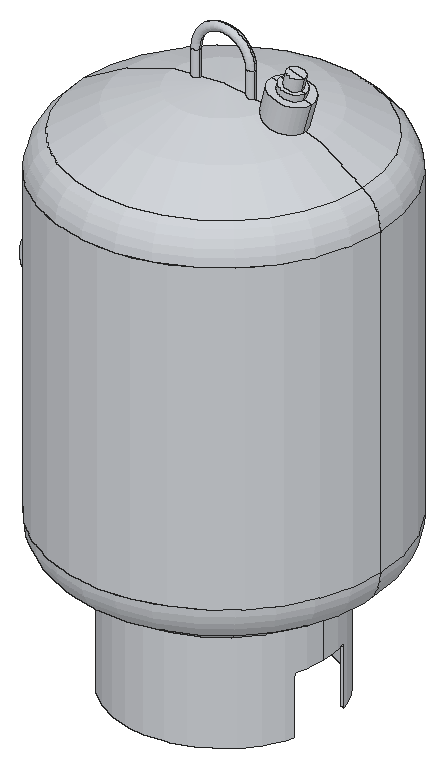
Revit family
Parameters (values of type "WX-130-L 125# W.P.")
  Weight = "136 lbs"
  Tank Volume = "34 Gal"
  Tank Height/Length = 34.375"
  Tank Diameter = 20.000"
  Shell Length = 18.250"
  Pipe Connector Diameter = Pipe Connection Radius * 2  # 1.500"
  Pipe Connection Radius = 0.750"
  Model = "WX-130-L"
  Maximum Acceptance Volume = "27 Gal"
  Max Operating Temp = "240 DEG F"
  Max Operating Pressure = "125 PSI"
  Manufacturer = "Amtrol"
  Lifting Ring Location = Shell Length / 2  # 9.125"
  Floor to Elbow Centerline = 1.500"
  Floor to Bottom of Tank = 3.709"
  Bladder/Diaphragm = "Bladder"
  ASME = yes
Types (3): name | Weight | Tank Volume | Tank Height/Length | Shell Length | Model | Lifting Ring Location
  (no name) | "136 lbs" | "34 Gal" | 34.375" | 18.250" | "WX-130-L" | 9.125"
  WX-130-L 125# W.P. | "136 lbs" | "34 Gal" | 34.375" | 18.250" | "WX-130-L" | 9.125"
  WX-165-L 125# W.P. | "146 lbs" | "44 Gal" | 39.375" | 23.250" | "WX-165-L" | 11.625"
Reference planes (in)
  plane 1 "Center (Front/Back)": y = 0
  plane 2: z = 0
  plane 3 "Center (Left/Right)": x = 0
Forms (in)
  Revolve 1, solid
    sketch origin (0, 0, 0) x (1, 0, 0) y (0, 0, 1)
      loop
        line (-6.375, 0) -> (-6.187, 0) -> (-6.187, 7.44707) -> (-6.375, 7.44707) -> (-6.375, 0)
      axis (0, 0) -> (0, 7.44707)
    angle from 0 to 360
  Revolve 2, solid
    sketch origin (0, 0, 0) x (1, 0, 0) y (0, 0, 1)
      loop
        line (0.6492, 3.3675) -> (0.6492, 4.19707) -> (0, 4.19707) -> (0, 3.3675) -> (0.6492, 3.3675)
      axis (0, 3.3675) -> (0, 4.19707)
    angle from 0 to 360
  Extrusion 3, void
    sketch origin (0, 0, 0) x (0, 1, 0) y (0, 0, 1)
      loop
        line (0, 3.70581) -> (-1.75, 3.70581)
        arc (-1.75, 3.70581) -> (-1.92678, 3.63258) -> (-2, 3.45581) r 0.25
        line (-2, 3.45581) -> (-2, -0.25) -> (2, -0.25) -> (2, 3.45581)
        arc (2, 3.45581) -> (1.92678, 3.63258) -> (1.75, 3.70581) r 0.25
        line (1.75, 3.70581) -> (0, 3.70581)
    from 3.88729 to 12
  Sweep 4, solid
    path origin (0, 0, 0) x (1, 0, 0) y (0, 0, 1)
      loop
        line (0, 3) -> (0, 2.698)
        arc (0, 2.698) -> (0.35089, 1.85089) -> (1.198, 1.5) r 1.198
        line (1.198, 1.5) -> (1.5, 1.5)
    profile origin (0, 0, 2.849) x (0, -1, 0) y (1, 0, 0)
      loop
        circle (0, 0) r 0.75
  Revolve 5, solid
    sketch origin (0, 0, 0) x (1, 0, 0) y (0, 0, 1)
      loop
        line (0, 2.813) -> (0.65074, 2.813) -> (0.65074, 4.313) -> (0, 4.313) -> (0, 2.813)
      axis (0, 2.813) -> (0, 4.313)
    angle from 0 to 360
  Revolve 6, solid
    sketch origin (0, 0, 0) x (1, 0, 0) y (0, 0, 1)
      loop
        line (3.85419, 33.63901) -> (5.11558, 33.30102) -> (5.58812, 35.06454) -> (5.10515, 35.19395) -> (5.20603, 35.57043) -> (4.93892, 35.642) -> (5.13591, 36.37718) -> (4.62458, 36.51418) -> (3.85419, 33.63901)
      axis (3.85419, 33.63901) -> (4.62458, 36.51418)
    angle from 0 to 360
  Sweep 7, solid
    path origin (-0.03185, 0, 0.36625) x (1, 0, 0) y (0, 0, 1)
      loop
        line (-1.72794, 33.65651) -> (-1.72794, 35.40651)
        arc (-1.72794, 35.40651) -> (0.02206, 37.15651) -> (1.77206, 35.40651) r 1.75
        line (1.77206, 35.40651) -> (1.77206, 33.65651)
    profile origin (-1.75979, 0, 34.89776) x (-1, 0, 0) y (0, -1, 0)
      loop
        circle (0, 0) r 0.25
  Revolve 8, solid
    sketch origin (0, 0, 0) x (1, 0, 0) y (0, 0, 1)
      loop
        line (0, 34.375) -> (0, 3.709) -> (4.99442, 3.709) -> (4.99442, 4.209) -> (4.437, 4.209) -> (4.437, 4.40139) -> (4.99442, 4.40139) -> (4.99442, 5.7535)
        arc (4.99442, 5.7535) -> (5.04578, 5.76987) -> (5.07873, 5.81253) r 0.09054
        arc (5.07873, 5.81253) -> (7.08806, 6.70772) -> (8.95313, 7.87402) r 15.75634
        arc (8.95313, 7.87402) -> (9.72207, 8.77485) -> (9.99844, 9.92653) r 2.53776
        line (9.99844, 9.92653) -> (9.99844, 29.39525)
        arc (9.99844, 29.39525) -> (9.67843, 30.572) -> (8.87716, 31.49129) r 2.72468
        arc (8.87716, 31.49129) -> (4.6669, 33.636) -> (0, 34.375) r 15.1055
      axis (0, 3.709) -> (0, 34.375)
    angle from 0 to 360
  Sweep 9, solid
    path origin (0, 0, 0) x (1, 0, 0) y (0, 0, 1)
      loop
        line (-9.91876, 22.02025) -> (-10.91876, 22.02025)
        arc (-10.91876, 22.02025) -> (-12.66876, 20.27025) -> (-10.91876, 18.52025) r 1.75
        line (-10.91876, 18.52025) -> (-9.91876, 18.52025)
    profile origin (-10.41876, 0, 22.02025) x (0, 0, -1) y (0, -1, 0)
      loop
        circle (0, 0) r 0.25
Cuts and joins
  Extrusion 3 cuts Revolve 1
  Extrusion 3 cuts Revolve 2
Dimensions and locks (in)
  "Floor to Elbow Centerline": Sweep 4 sketch curve to cut or joined group of Revolve 1, Extrusion 3
  Revolve 6 sketch curve to Revolve 6 sketch curve = 2.9766"
  Revolve 6 sketch curve to Revolve 6 sketch curve = 2.21548"
  Revolve 6 sketch curve to Revolve 6 sketch curve = 1.82573"
  "Floor to Bottom of Tank": Revolve 8 sketch curve to level
  "Tank Height/Length": Revolve 8 sketch curve to cut or joined group of Revolve 1, Extrusion 3
  Revolve 8 sketch curve to Revolve 8 sketch curve = 12.38082"
  Revolve 6 sketch curve to Revolve 8 = 3.90577"
  Revolve 6 sketch curve to Revolve 8 = 4.24376"
  Sweep 7 sketch curve to Revolve 8 = 4.6275"  (x2)
  "Lifting Ring Location": Revolve 8 to Sweep 9 sketch curve
  aligned and locked: plane 3 "Center (Left/Right)" to import instance
  aligned and locked: plane 1 "Center (Front/Back)" to import instance
Automatic sketch dimensions
  Revolve 2 sketch curve to plane 3 "Center (Left/Right)" = 0.000"  (x2)
  plane 3 "Center (Left/Right)" to Revolve 2 sketch curve = 0.6492"
  level to Revolve 2 sketch curve = 3.3675"
  Revolve 2 sketch curve to Revolve 2 sketch curve = 0.000"
  Revolve 2 sketch curve to Revolve 2 sketch curve = 0.82957"
  Revolve 2 sketch curve to Revolve 2 sketch curve = 1.25068"
  Extrusion 3 sketch curve to plane 1 "Center (Front/Back)" = 0.000"
  plane 1 "Center (Front/Back)" to Extrusion 3 sketch curve = 1.750"
  Extrusion 3 sketch curve to Extrusion 3 sketch curve = 0.250"  (x2)
  Extrusion 3 sketch curve to plane 1 "Center (Front/Back)" = 1.750"
  Extrusion 3 sketch curve to level = 0.250"
  level to Extrusion 3 sketch curve = 3.45581"
  Sweep 4 sketch curve to plane 3 "Center (Left/Right)" = 0.000"
  Sweep 4 sketch curve to Sweep 4 sketch curve = 1.198"
  Sweep 4 sketch curve to Sweep 4 sketch curve = 0.302"  (x2)
  plane 1 "Center (Front/Back)" to Sweep 4 sketch curve = 0.000"
  Sweep 4 sketch curve to profile plane = 0.000"
  Revolve 5 sketch curve to plane 3 "Center (Left/Right)" = 0.000"  (x2)
  plane 3 "Center (Left/Right)" to Revolve 5 sketch curve = 0.65074"
  level to Revolve 5 sketch curve = 2.813"
  Revolve 5 sketch curve to Revolve 5 sketch curve = 0.000"
  Revolve 5 sketch curve to Revolve 5 sketch curve = 1.500"
  Revolve 5 sketch curve to Revolve 5 sketch curve = 0.500"
  plane 3 "Center (Left/Right)" to Revolve 6 sketch curve = 3.85419"
  Revolve 6 sketch curve to Revolve 6 sketch curve = 0.14815"
  Revolve 6 sketch curve to Revolve 6 sketch curve = 0.05202"
  Revolve 6 sketch curve to Revolve 6 sketch curve = 0.6492"
  Revolve 6 sketch curve to Revolve 6 sketch curve = 0.16624"
  Revolve 6 sketch curve to Revolve 6 sketch curve = 0.55291"
  Revolve 6 sketch curve to Revolve 6 sketch curve = 0.19415"
  Sweep 7 sketch curve to plane 3 "Center (Left/Right)" = 1.75979"
  Sweep 7 sketch curve to plane 3 "Center (Left/Right)" = 0.00979"
  Sweep 7 sketch curve to Sweep 7 sketch curve = 1.750"
  plane 1 "Center (Front/Back)" to Sweep 7 sketch curve = 0.000"
  Sweep 7 sketch curve to profile plane = 0.000"
  Revolve 1 sketch curve to level = 0.000"  (x2)
  Revolve 1 sketch curve to plane 3 "Center (Left/Right)" = 0.000"
  Revolve 1 sketch curve to plane 3 "Center (Left/Right)" = 6.187"
  Revolve 1 sketch curve to Revolve 1 sketch curve = 0.188"
  level to Revolve 1 sketch curve = 7.44707"
  Revolve 1 sketch curve to Revolve 1 sketch curve = 1.05293"
  Revolve 6 sketch curve to Revolve 6 sketch curve = 0.31433"
  Revolve 8 sketch curve to plane 3 "Center (Left/Right)" = 0.000"  (x2)
  Revolve 8 sketch curve to plane 3 "Center (Left/Right)" = 0.3131"
  plane 3 "Center (Left/Right)" to Revolve 8 sketch curve = 4.437"
  Revolve 8 sketch curve to Revolve 8 sketch curve = 0.55684"
  Revolve 8 sketch curve to Revolve 8 sketch curve = 0.55742"
  Revolve 8 sketch curve to Revolve 8 sketch curve = 0.00058"
  Revolve 8 sketch curve to Revolve 8 sketch curve = 0.08488"
  plane 3 "Center (Left/Right)" to Revolve 8 sketch curve = 7.27592"
  Revolve 8 sketch curve to Revolve 8 sketch curve = 2.38196"
  Revolve 8 sketch curve to Revolve 8 sketch curve = 1.60123"
  Revolve 8 sketch curve to Revolve 8 sketch curve = 0.000"  (x3)
  Revolve 8 sketch curve to Revolve 8 sketch curve = 1.49244"
  Revolve 8 sketch curve to Revolve 8 sketch curve = 1.04531"
  Revolve 8 sketch curve to Revolve 8 sketch curve = 0.500"
  Revolve 8 sketch curve to Revolve 8 sketch curve = 0.19239"
  Revolve 8 sketch curve to Revolve 8 sketch curve = 1.35211"
  Revolve 8 sketch curve to Revolve 8 sketch curve = 0.05903"
  Revolve 8 sketch curve to Revolve 8 sketch curve = 4.334"
  Sweep 9 sketch curve to plane 3 "Center (Left/Right)" = 10.91876"
  Sweep 9 sketch curve to Sweep 9 sketch curve = 1.000"  (x2)
  Sweep 9 sketch curve to Sweep 9 sketch curve = 1.750"
  Sweep 9 sketch curve to plane 1 "Center (Front/Back)" = 0.000"
  Sweep 9 sketch curve to profile plane = 0.000"
  radius of Sweep 4 sketch curve = 0.750"
  radius of Sweep 7 sketch curve = 0.250"
  radius of Sweep 9 sketch curve = 0.250"
Connectors (in)
  piping at (1.5, 0, 1.5), driven by "Pipe Connection Radius"
    settings: on Sweep 4, index 1
